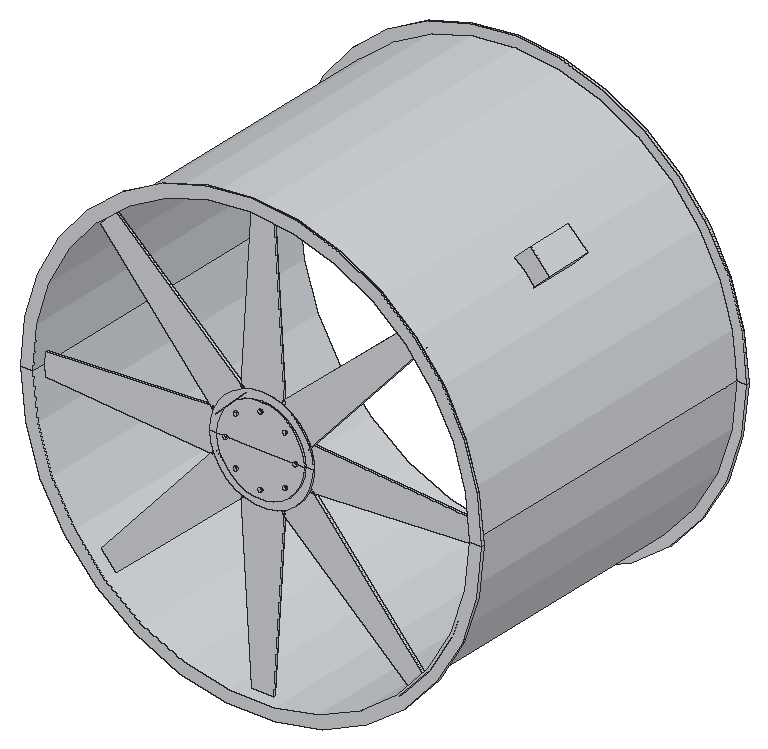
Revit family "CADS_Vent-Axia_MechEquip_Fan_LCA_1250_3Ph4P - SUPPLY", category Mechanical Equipment, Revit 2020
Family settings
  Round Connector Dimension = Use Diameter
  Part Type = Normal
  OmniClass Number = 23.75.00.00
  OmniClass Title = Climate Control (HVAC)
  Work Plane-Based = No
  Always vertical = Yes
  Cut with Voids When Loaded = No
  Shared = No
  Room Calculation Point = No
Parameters (values of type "LCA1253420")
  nr = NominalDiameter / 2  # 625 mm
  WorkingPressure = 0.0 Pa
  WarrantyStartDate [instance] = "1900-12-31T23:59:59"
  WarrantyPeriod = ""
  WarrantyIdentifier = "N/A"
  WarrantyGuarantorParts = "tech@vent-axia.com"
  WarrantyGuarantorLabor = "tech@vent-axia.com"
  WarrantyGuarantor = "Vent-Axia Limited"
  WarrantyEndDate [instance] = "1900-12-31T23:59:59"
  WarrantyContent = ""
  TemperatureRange = ""
  TagNumber [instance] = "N/A"
  SustainabilityPerformance = ""
  Status = "New"
  Size = ""
  Shape = ""
  ServiceLifeType = ""
  ServiceLifeDuration = ""
  SerialNumber [instance] = "N/A"
  ReplacementCost = ""
  RatedVoltage = 0 V
  RatedCurrent = 0 A
  Quantity = 1
  ProductionYear = ""
  PressureCurve = ""
  PowerFactor = ""
  PointOfContact = ""
  NumberOfPoles = 0
  NominalWidth = 1250 mm
  NominalLength = 950 mm
  NominalHeight = 1250 mm
  NominalFrequencyRange = ""
  NominalDiameter = 1250 mm
  ModelReference = "LCAX 1250mm 3PH 4P 20DEG"
  ModelNumber = "LCA1253420"
  Material = ""
  ManufacturerE-Mail = "tech@vent-axia.com"
  ManufacturerAddress = "Fleming Way\nCrawley \nRH10 9YX"
  IsExtendedWarranty = no
  InsulationStandardClass = ""
  InstallationDate [instance] = "1900-12-31T23:59:59"
  IfcExportType [instance] = ""
  IfcExportAs = "IfcFanType"
  IP_Code = ""
  HasProtectiveEarth = no
  GrossWeight = 0.00 kg
  Grade = ""
  GlobalTradeItemNumber [instance] = "N/A"
  Fitting Type = "Ignore"
  Finish = ""
  Features = ""
  ExteriorInsulation = no
  ExpectedServiceLife = 0
  Exclusions = ""
  DurationUnit = "Year"
  Default Elevation = 0 mm
  Constituents = ""
  ConductorFunction = ""
  Color = ""
  CodePerformance = ""
  Category = ""
  CADS_Usage = 0
  CADS_Index = 0
  AssetType = "FIXED"
  AssetIdentifier [instance] = "N/A"
  AssemblyPlace = "UNKNOWN"
  ArticleNumber [instance] = "N/A"
  AirflowRateRange = 0.0 L/s
  Air Flow [instance] = 0.0 L/s
  AccessibilityPerformance = ""
Types (8, lengths in mm): name | ModelReference | ModelNumber
  LCA1253420 | "LCAX 1250mm 3PH 4P 20DEG" | "LCA1253420"
  LCA1253422 | "LCAX 1250mm 3PH 4P 22DEG" | "LCA1253422"
  LCA1253424 | "LCAX 1250mm 3PH 4P 24DEG" | "LCA1253424"
  LCA1253426 | "LCAX 1250mm 3PH 4P 26DEG" | "LCA1253426"
  LCA1253428 | "LCAX 1250mm 3PH 4P 28DEG" | "LCA1253428"
  LCA1253430 | "LCAX 1250mm 3PH 4P 30DEG" | "LCA1253430"
  LCA1253432 | "LCAX 1250mm 3PH 4P 32DEG." | "LCA1253432"
  LCA1253434 | "LCAX 1250mm 3PH 4P 34DEG" | "LCA1253434"
Reference planes
  plane 1 "Center (Front/Back)": y = 0
  plane 2: z = 0
  plane 3 "Center (Left/Right)": x = 0
  plane 4: x = -625
  plane 5: x = 625
  plane 6 "F": y = -475
  plane 7 "B": y = 475
  plane 8: x = -660
  plane 9: y = 470
  plane 10: y = -470
  plane 11: x = -630
  plane 12: y = -435
  plane 13 "top": z = 625
  plane 14: z = -625
  plane 15 "45deg": through (0, -1524, 0) normal (-0.7071, 0, -0.7071)
  plane 16 "C": through (0, -1524, 0) normal (-0.7071, 0, 0.7071)
Forms (mm)
  Revolve 1, solid
    sketch origin (0, 0, 0) x (1, 0, 0) y (0, 1, 0)
      loop
        line (-660, -475) -> (-625, -475) -> (-625, 475) -> (-660, 475) -> (-660, 470) -> (-630, 470) -> (-630, -470) -> (-660, -470) -> (-660, -475)
      axis (0, 475) -> (0, -475)
    angle from 0 to 360
  Sweep 2, solid
    path origin (0, 0, 0) x (1, 0, 0) y (0, 0, 1)
      loop
        line (441.942, 441.942) -> (487.904, 487.904)
    profile origin (464.923, 0, 464.923) x (-0.707107, 0, 0.707107) y (0, -1, 0)
      loop
        line (37.5, 55) -> (-42.73, 55) -> (-42.73, -79.5) -> (37.5, -79.5) -> (37.5, 55)
Dimensions and locks
  equal spacing: plane 4, plane 3 "Center (Left/Right)", plane 5
  equal spacing: plane 7 "B", plane 1 "Center (Front/Back)", plane 6 "F"
  "NominalLength": plane 7 "B" to plane 6 "F"
  "NominalDiameter": plane 4 to plane 5
  locked: plane 11 to plane 4 at 5
  locked: plane 8 to plane 11 at 30
  locked: plane 6 "F" to plane 10 at 5
  locked: plane 7 "B" to plane 9 at 5
  locked: plane 6 "F" to plane 12 at 40
  equal spacing: plane 13 "top", level, plane 14
  "NominalDiameter": plane 13 "top" to plane 14
  "nr": Sweep 2 sketch curve to nested 13
  Sweep 2 sketch curve to Sweep 2 sketch curve = 65 mm
  aligned and locked: level to plane 2
  aligned and locked: nested 1 to plane 12
Automatic sketch dimensions
  plane 6 "F" to Revolve 1 sketch curve = 0 mm
  Revolve 1 sketch curve to plane 8 = 0 mm  (x2)
  plane 10 to Revolve 1 sketch curve = 0 mm
  Revolve 1 sketch curve to plane 11 = 0 mm
  Revolve 1 sketch curve to plane 4 = 0 mm
  Revolve 1 sketch curve to plane 3 "Center (Left/Right)" = 0 mm
  plane 1 "Center (Front/Back)" to Revolve 1 sketch curve = 0 mm
  Revolve 1 sketch curve to plane 9 = 0 mm
  Revolve 1 sketch curve to plane 7 "B" = 0 mm
  plane 6 "F" to Revolve 1 sketch curve = 115 mm
  plane 1 "Center (Front/Back)" to Sweep 2 sketch curve = 55 mm
  Sweep 2 sketch curve to profile plane = 37.5 mm
  Sweep 2 sketch curve to Sweep 2 sketch curve = 80.23 mm
  Sweep 2 sketch curve to Sweep 2 sketch curve = 134.5 mm
  Sweep 2 sketch curve to plane 16 "C" = 0 mm  (x2)
Nested families
  nested 1: "Fan for ESC" at (0, -435, 0), ND <- "NominalDiameter", type "Fan for ESC"
    with hub 125 mm, ND 1250 mm, BoltPCD 100 mm, Bolt Count 8, B_Diam 10 mm
  nested 2: "Bolts" at (0, -444.172, -100) x (-1, 0, 0) z (0, 1, 0), type "Bolts"
    with bd 10 mm
  nested 3: "Bolts" at (-70.711, -444.172, -70.711) x (-0.7071, 0, 0.7071) z (0, 1, 0), type "Bolts"
    with bd 10 mm
  nested 4: "Bolts" at (-100, -444.172, 0) x (0, 0, 1) z (0, 1, 0), type "Bolts"
    with bd 10 mm
  nested 5: "Bolts" at (-70.711, -444.172, 70.711) x (0.7071, 0, 0.7071) z (0, 1, 0), type "Bolts"
    with bd 10 mm
  nested 6: "Bolts" at (70.711, -444.172, 70.711) x (0.7071, 0, -0.7071) z (0, 1, 0), type "Bolts"
    with bd 10 mm
  nested 7: "Bolts" at (0, -444.172, 100) x (1, 0, 0) z (0, 1, 0), type "Bolts"
    with bd 10 mm
  nested 8: "ESC Blade" at (0, -435, 0), type "ESC Blade"
    with a 20.00°, HR 125 mm, HD 250 mm, BT 62.5 mm, BR 500 mm, BH 40 mm, BD 1250 mm, BB 125 mm
  nested 9: "ESC Blade" at (0, -435, 0) x (0.7071, 0, -0.7071) z (0.7071, 0, 0.7071), type "ESC Blade"
    with a 20.00°, HR 125 mm, HD 250 mm, BT 62.5 mm, BR 500 mm, BH 40 mm, BD 1250 mm, BB 125 mm
  nested 10: "ESC Blade" at (0, -435, 0) x (0, 0, -1) z (1, 0, 0), type "ESC Blade"
    with a 20.00°, HR 125 mm, HD 250 mm, BT 62.5 mm, BR 500 mm, BH 40 mm, BD 1250 mm, BB 125 mm
  nested 11: "ESC Blade" at (0, -435, 0) x (-0.7071, 0, -0.7071) z (0.7071, 0, -0.7071), type "ESC Blade"
    with a 20.00°, HR 125 mm, HD 250 mm, BT 62.5 mm, BR 500 mm, BH 40 mm, BD 1250 mm, BB 125 mm
  nested 12: "ESC Blade" at (0, -435, 0) x (-1, 0, 0) z (0, 0, -1), type "ESC Blade"
    with a 20.00°, HR 125 mm, HD 250 mm, BT 62.5 mm, BR 500 mm, BH 40 mm, BD 1250 mm, BB 125 mm
  nested 13: "ESC Blade" at (0, -435, 0) x (-0.7071, 0, -0.7071) z (-0.7071, 0, 0.7071), type "ESC Blade"
    with a 20.00°, HR 125 mm, HD 250 mm, BT 62.5 mm, BR 500 mm, BH 40 mm, BD 1250 mm, BB 125 mm
  nested 14: "ESC Blade" at (0, -435, 0) x (0, 0, -1) z (-1, 0, 0), type "ESC Blade"
    with a 20.00°, HR 125 mm, HD 250 mm, BT 62.5 mm, BR 500 mm, BH 40 mm, BD 1250 mm, BB 125 mm
  nested 15: "ESC Blade" at (0, -435, 0) x (0.7071, 0, -0.7071) z (-0.7071, 0, -0.7071), type "ESC Blade"
    with a 20.00°, HR 125 mm, HD 250 mm, BT 62.5 mm, BR 500 mm, BH 40 mm, BD 1250 mm, BB 125 mm
  nested 16: "Bolts" at (100, -444.172, 0) x (0, 0, -1) z (0, 1, 0), type "Bolts"
    with bd 10 mm
  nested 17: "Bolts" at (70.711, -444.172, -70.711) x (-0.7071, 0, -0.7071) z (0, 1, 0), type "Bolts"
    with bd 10 mm
Connectors
  hvac at (0, -475, 0), driven by "NominalDiameter", driven by "Air Flow"
    settings: on Revolve 1, index 1, duct flow 0.0 L/s, flow factor 0, pres drop 0.0 Pa, loss coef 0, conn angle 0.00°, conn width 304.8 mm, conn height 304.8 mm, conn diameter 1250 mm, duct sys type 1, conn prof type 0, flow config 1, flow direction 1, loss method 0, conn ref index -1, conn util no, is conn primary yes, conn desc ""
  hvac at (0, 475, 0), driven by "NominalDiameter", driven by "Air Flow"
    settings: on Revolve 1, index 2, duct flow 0.0 L/s, flow factor 0, pres drop 0.0 Pa, loss coef 0, conn angle 0.00°, conn width 304.8 mm, conn height 304.8 mm, conn diameter 1250 mm, duct sys type 1, conn prof type 0, flow config 0, flow direction 2, loss method 0, conn ref index -1, conn util no, is conn primary no, conn desc ""
Definition of nested family "Fan for ESC"
  Parameters (values of type "Fan for ESC")
    hub [instance] = ND / 10  # 56.7 mm
    ND [instance] = 567 mm
    Model = "."
    Default Elevation = 0 mm
    BoltPCD [instance] = hub - (hub * 0.2)  # 45.36 mm
    Bolt Count [instance] = if(hub < 50 mm, 6, 8)  # 8
    B_Diam [instance] = if(hub < 50 mm, 5 mm, 10 mm)  # 10 mm
  Reference planes
    plane 1 "Center (Front/Back)": y = 0
    plane 2: z = 0
    plane 3 "Center (Left/Right)": x = 0
    plane 4 "back": y = 20
    plane 5 "bolts": y = -9.172
    plane 6 "B": z = 56.7
    plane 7: x = -79.287
    plane 8: x = -56.7
    plane 9 "hubface": y = -6.172
  Forms (mm)
    Revolve 1, solid
      sketch origin (0, 0, 0) x (1, 0, 0) y (0, 1, 0)
        loop
          line (0, 20) -> (-56.7, 20) -> (-56.7, 10.504) -> (-79.287, 10.504) -> (-79.287, -2.597) -> (-56.7, -2.597) -> (-56.7, -6.172) -> (0, -6.172) -> (0, 20)
        axis (0, 20) -> (0, -6.172)
      angle from 0 to 360
    Extrusion 2, solid, not visible
      sketch origin (0, -6.347, -4) x (-1, 0, 0) y (0, 0, 1)
        loop
          circle (0, 84) r 5
      from 0 to 3
  Lines and regions (mm)
    symbolic lines
      curve 1: circle (0, -9.172, 0) r 45.36 normal (0, 1, 0)
    model lines, not visible
      curve 2: line (0, -6.347, 85) -> (0, -6.347, 75)
  Dimensions and locks
    "hub": plane 6 "B" to plane 2
    "hub": nested 3 to plane 3 "Center (Left/Right)"
    "hub": nested 4 to plane 3 "Center (Left/Right)"
    "hub": nested 5 to plane 3 "Center (Left/Right)"
    "hub": plane 3 "Center (Left/Right)" to nested 6
    "hub": Revolve 1 sketch curve to Revolve 1 sketch curve
    "hub": plane 3 "Center (Left/Right)" to nested 7
    "hub": plane 3 "Center (Left/Right)" to nested 8
    "hub": plane 3 "Center (Left/Right)" to nested 9
    "hub": plane 8 to plane 3 "Center (Left/Right)"
    plane 7 to plane 8 = 22.587 mm
    diameter of Extrusion 2 sketch curve = 10 mm
    "BoltPCD": radius of curve 1
    "BoltPCD": radius of radial array
    aligned and locked: level to plane 2
    aligned and locked: plane 6 "B" to nested 1
  Automatic sketch dimensions
    Revolve 1 sketch curve to plane 7 = 0 mm
    Revolve 1 sketch curve to plane 8 = 0 mm  (x2)
    Revolve 1 sketch curve to plane 3 "Center (Left/Right)" = 0 mm
    Revolve 1 sketch curve to plane 9 "hubface" = 0 mm
    plane 4 "back" to Revolve 1 sketch curve = 0 mm
    plane 1 "Center (Front/Back)" to Revolve 1 sketch curve = 2.597 mm
    plane 4 "back" to Revolve 1 sketch curve = 9.496 mm
    Revolve 1 sketch curve to Revolve 1 sketch curve = 5 mm
    Revolve 1 sketch curve to plane 4 "back" = 45 mm
    curve 1 to level = 0 mm
    curve 1 to plane 3 "Center (Left/Right)" = 0 mm
  Nested families
    nested 1: "ESC Blade" at (0, 0, 0), BD <- "ND", HD <- "hub", type "ESC Blade"
      with a 20.00°, HR 56.7 mm, HD 113.4 mm, BT 28.35 mm, BR 226.8 mm, BH 40 mm, BD 567 mm, BB 56.7 mm
    nested 2: "ESC Blade" at (0, 0, 755), BD <- "ND", HD <- "hub", type "ESC Blade", not visible
      with a 20.00°, HR 56.7 mm, HD 113.4 mm, BT 28.35 mm, BR 226.8 mm, BH 40 mm, BD 567 mm, BB 56.7 mm
    nested 3: "ESC Blade" at (0, 0, 0) x (0.7071, 0, -0.7071) z (0.7071, 0, 0.7071), BD <- "ND", HD <- "hub", type "ESC Blade"
      with a 20.00°, HR 56.7 mm, HD 113.4 mm, BT 28.35 mm, BR 226.8 mm, BH 40 mm, BD 567 mm, BB 56.7 mm
    nested 4: "ESC Blade" at (0, 0, 0) x (0, 0, -1) z (1, 0, 0), BD <- "ND", HD <- "hub", type "ESC Blade"
      with a 20.00°, HR 56.7 mm, HD 113.4 mm, BT 28.35 mm, BR 226.8 mm, BH 40 mm, BD 567 mm, BB 56.7 mm
    nested 5: "ESC Blade" at (0, 0, 0) x (-0.7071, 0, -0.7071) z (0.7071, 0, -0.7071), BD <- "ND", HD <- "hub", type "ESC Blade"
      with a 20.00°, HR 56.7 mm, HD 113.4 mm, BT 28.35 mm, BR 226.8 mm, BH 40 mm, BD 567 mm, BB 56.7 mm
    nested 6: "ESC Blade" at (0, 0, 0) x (-1, 0, 0) z (0, 0, -1), BD <- "ND", HD <- "hub", type "ESC Blade"
      with a 20.00°, HR 56.7 mm, HD 113.4 mm, BT 28.35 mm, BR 226.8 mm, BH 40 mm, BD 567 mm, BB 56.7 mm
    nested 7: "ESC Blade" at (0, 0, 0) x (-0.7071, 0, -0.7071) z (-0.7071, 0, 0.7071), BD <- "ND", HD <- "hub", type "ESC Blade"
      with a 20.00°, HR 56.7 mm, HD 113.4 mm, BT 28.35 mm, BR 226.8 mm, BH 40 mm, BD 567 mm, BB 56.7 mm
    nested 8: "ESC Blade" at (0, 0, 0) x (0, 0, -1) z (-1, 0, 0), BD <- "ND", HD <- "hub", type "ESC Blade"
      with a 20.00°, HR 56.7 mm, HD 113.4 mm, BT 28.35 mm, BR 226.8 mm, BH 40 mm, BD 567 mm, BB 56.7 mm
    nested 9: "ESC Blade" at (0, 0, 0) x (0.7071, 0, -0.7071) z (-0.7071, 0, -0.7071), BD <- "ND", HD <- "hub", type "ESC Blade"
      with a 20.00°, HR 56.7 mm, HD 113.4 mm, BT 28.35 mm, BR 226.8 mm, BH 40 mm, BD 567 mm, BB 56.7 mm
    nested 10: "Bolts" at (0, -9.172, 45.36) x (1, 0, 0) z (0, 1, 0), bd <- "B_Diam", type "Bolts"
      with bd 10 mm
    nested 11: "Bolts" at (32.074, -9.172, 32.074) x (0.7071, 0, -0.7071) z (0, 1, 0), bd <- "B_Diam", type "Bolts"
      with bd 10 mm
    nested 12: "Bolts" at (-32.074, -9.172, 32.074) x (0.7071, 0, 0.7071) z (0, 1, 0), bd <- "B_Diam", type "Bolts"
      with bd 10 mm
    nested 13: "Bolts" at (-45.36, -9.172, 0) x (0, 0, 1) z (0, 1, 0), bd <- "B_Diam", type "Bolts"
      with bd 10 mm
    nested 14: "Bolts" at (-32.074, -9.172, -32.074) x (-0.7071, 0, 0.7071) z (0, 1, 0), bd <- "B_Diam", type "Bolts"
      with bd 10 mm
    nested 15: "Bolts" at (0, -9.172, -45.36) x (-1, 0, 0) z (0, 1, 0), bd <- "B_Diam", type "Bolts"
      with bd 10 mm
    nested 16: "Bolts" at (32.074, -9.172, -32.074) x (-0.7071, 0, -0.7071) z (0, 1, 0), bd <- "B_Diam", type "Bolts"
      with bd 10 mm
    nested 17: "Bolts" at (45.36, -9.172, 0) x (0, 0, -1) z (0, 1, 0), bd <- "B_Diam", type "Bolts"
      with bd 10 mm
  Definition of nested family "ESC Blade"
    Parameters (values of type "ESC Blade")
      a [instance] = 20.00°
      HR [instance] = HD / 2  # 30 mm
      HD [instance] = BD / 5  # 60 mm
      Default Elevation = 1219.2 mm
      BT [instance] = BD / 20  # 15 mm
      BR [instance] = (BD / 2) - HR  # 120 mm
      BH [instance] = 40 mm
      BD [instance] = 300 mm
      BB [instance] = BD / 10  # 30 mm
    Reference planes
      plane 1 "Center (Front/Back)": y = 0
      plane 2: z = 0
      plane 3 "Center (Left/Right)": x = 0
      plane 4 "Blade Bot": z = 30
      plane 5: x = -15
      plane 6: x = 15
      plane 7: x = -7.5
      plane 8: x = 7.5
    Forms (mm)
      Blend 1, solid
        base sketch origin (0, 0, 30) x (-1, 0, 0) y (0, -1, 0)
          loop
            line (15, 0) -> (-15, 0) -> (-15, -6) -> (15, -6) -> (15, 0)
        top sketch origin (0, 0, 30) x (-1, 0, 0) y (0, -1, 0)
          loop
            line (7.5, -6) -> (7.5, 0) -> (-7.5, 0) -> (-7.5, -6) -> (7.5, -6)
        from 0 to 120 <- "BR"
    Dimensions and locks
      "HR": plane 4 "Blade Bot" to level
      equal spacing: plane 8, plane 3 "Center (Left/Right)", plane 7
      "BT": plane 8 to plane 7
      equal spacing: plane 6, plane 3 "Center (Left/Right)", plane 5
      "BB": plane 6 to plane 5
      aligned and locked: level to plane 2
    Automatic sketch dimensions
      plane 1 "Center (Front/Back)" to Blend 1 sketch curve = 0 mm  (x2)
      Blend 1 sketch curve to plane 6 = 0 mm
      Blend 1 sketch curve to plane 5 = 0 mm
      Blend 1 sketch curve to plane 1 "Center (Front/Back)" = 6 mm  (x2)
      Blend 1 sketch curve to plane 8 = 0 mm
      Blend 1 sketch curve to plane 7 = 0 mm
  Definition of nested family "Bolts"
    Parameters
      bd [instance] = 10 mm
      Default Elevation = 1219.2 mm
    Reference planes
      plane 1 "Center (Front/Back)": y = 0
      plane 2: z = 0
      plane 3 "Center (Left/Right)": x = 0
    Forms (mm)
      Extrusion 1, solid
        sketch origin (0, 0, 0) x (1, 0, 0) y (0, 1, 0)
          loop
            line (-1219.2, 1219.2) -> (-1219.2, -1219.2) -> (1219.2, -1219.2) -> (1219.2, 1219.2) -> (-1219.2, 1219.2)
        from 0 to -304.8
      Extrusion 2, solid
        sketch origin (0, 0, 0) x (1, 0, 0) y (0, 1, 0)
          loop
            circle (0, 0) r 5
        from 0 to 3
    Dimensions and locks
      "bd": diameter of Extrusion 2 sketch curve
      aligned and locked: plane 2 to Extrusion 1
      aligned and locked: level to Extrusion 1
    Automatic sketch dimensions
      Extrusion 1 sketch curve to Extrusion 1 sketch curve = 2438.4 mm  (x2)
      plane 1 "Center (Front/Back)" to Extrusion 2 sketch curve = 0 mm
      Extrusion 2 sketch curve to plane 3 "Center (Left/Right)" = 0 mm
Definition of nested family "Bolts"
  Parameters
    bd [instance] = 10 mm
    Default Elevation = 1219.2 mm
  Reference planes
    plane 1 "Center (Front/Back)": y = 0
    plane 2: z = 0
    plane 3 "Center (Left/Right)": x = 0
  Forms (mm)
    Extrusion 1, solid
      sketch origin (0, 0, 0) x (1, 0, 0) y (0, 1, 0)
        loop
          line (-1219.2, 1219.2) -> (-1219.2, -1219.2) -> (1219.2, -1219.2) -> (1219.2, 1219.2) -> (-1219.2, 1219.2)
      from 0 to -304.8
    Extrusion 2, solid
      sketch origin (0, 0, 0) x (1, 0, 0) y (0, 1, 0)
        loop
          circle (0, 0) r 5
      from 0 to 3
  Dimensions and locks
    "bd": diameter of Extrusion 2 sketch curve
    aligned and locked: plane 2 to Extrusion 1
    aligned and locked: level to Extrusion 1
  Automatic sketch dimensions
    Extrusion 1 sketch curve to Extrusion 1 sketch curve = 2438.4 mm  (x2)
    plane 1 "Center (Front/Back)" to Extrusion 2 sketch curve = 0 mm
    Extrusion 2 sketch curve to plane 3 "Center (Left/Right)" = 0 mm
Definition of nested family "ESC Blade"
  Parameters (values of type "ESC Blade")
    a [instance] = 20.00°
    HR [instance] = HD / 2  # 30 mm
    HD [instance] = BD / 5  # 60 mm
    Default Elevation = 1219.2 mm
    BT [instance] = BD / 20  # 15 mm
    BR [instance] = (BD / 2) - HR  # 120 mm
    BH [instance] = 40 mm
    BD [instance] = 300 mm
    BB [instance] = BD / 10  # 30 mm
  Reference planes
    plane 1 "Center (Front/Back)": y = 0
    plane 2: z = 0
    plane 3 "Center (Left/Right)": x = 0
    plane 4 "Blade Bot": z = 30
    plane 5: x = -15
    plane 6: x = 15
    plane 7: x = -7.5
    plane 8: x = 7.5
  Forms (mm)
    Blend 1, solid
      base sketch origin (0, 0, 30) x (-1, 0, 0) y (0, -1, 0)
        loop
          line (15, 0) -> (-15, 0) -> (-15, -6) -> (15, -6) -> (15, 0)
      top sketch origin (0, 0, 30) x (-1, 0, 0) y (0, -1, 0)
        loop
          line (7.5, -6) -> (7.5, 0) -> (-7.5, 0) -> (-7.5, -6) -> (7.5, -6)
      from 0 to 120 <- "BR"
  Dimensions and locks
    "HR": plane 4 "Blade Bot" to level
    equal spacing: plane 8, plane 3 "Center (Left/Right)", plane 7
    "BT": plane 8 to plane 7
    equal spacing: plane 6, plane 3 "Center (Left/Right)", plane 5
    "BB": plane 6 to plane 5
    aligned and locked: level to plane 2
  Automatic sketch dimensions
    plane 1 "Center (Front/Back)" to Blend 1 sketch curve = 0 mm  (x2)
    Blend 1 sketch curve to plane 6 = 0 mm
    Blend 1 sketch curve to plane 5 = 0 mm
    Blend 1 sketch curve to plane 1 "Center (Front/Back)" = 6 mm  (x2)
    Blend 1 sketch curve to plane 8 = 0 mm
    Blend 1 sketch curve to plane 7 = 0 mm
